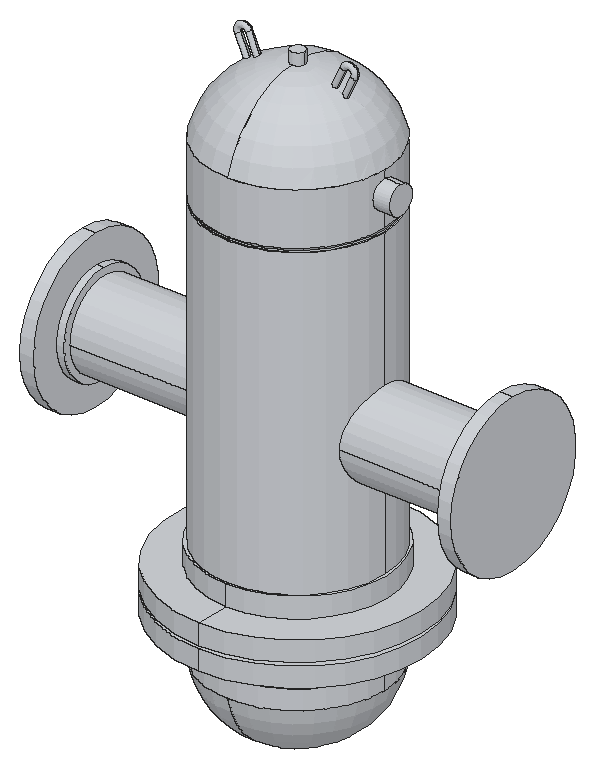
Revit family "WVA-5", category Mechanical Equipment, Revit 2014
Parameters (values of type "WVA-5")
  SideDrainExtrusion = CylinderHalfLength * 0.13123  # 1.04984"
  PipeConnectorDiameter = 5"
  PartNumber = "72080050"
  MaximumOperatingTemperature = "240°F"
  MaximumOperatingPressure = "125 PSIG"
  MaximumFlow = "398 GPM"
  HookWidth = 3/4"
  SideFlangeThickness1 = 131/256"
  SideFlangeThickness = 111/128"
  LeftHookDistance = 0.35916"
  TopExtrusionDiameter = A * 0.1111  # 1.7776"
  SideFlangeStep2 = 10 5/128"
  SideFlangeStep1 = 6 117/256"
  PipeDiameter = 5 9/16"
  HookTopDistance = B * 0.01386  # 0.54054"
  HookDistance = A * 0.19597  # 3.13552"
  URL = "http://westank.com/"
  TotalHeight = B * 0.1364  # 5.3196"
  Step5Diameter = A * 0.21818  # 3.4909"
  Step4Diameter = A * 0.25455  # 4.07272"
  Step3Diameter = A * 0.18182  # 2.90912"
  Step2Diameter = A * 0.10909  # 1.74544"
  Step1Diameter = A * 0.05454  # 0.87264"
  RingDistance = B * 0.19599  # 7.64361"
  RevolveRadius = CylindarDia / 2  # 5.6"
  Model = "WVA-5"
  Manufacturer = "Wessels Company"
  HookDiameter = A * 0.0223  # 0.3568"
  Height2 = B * 0.00547  # 0.21333"
  Height1 = B * 0.03268  # 1.27452"
  D = 19 1/2"
  CylinderHeight = B * 0.781  # 30.459"
  CylinderHalfLength = A / 2  # 8"
  CouplingHeight = B * 0.15525  # 6.05475"
  C = 27 3/4"
  BottomRevolveHeight = B * 0.10886  # 4.24554"
  BottomExtrusionHeight = B * 0.01095  # 0.42705"
  B = 39"
  CylindarDia = A * 0.7  # 11.2"
  NumberOfArray = 9
  ArrayRadius = CylindarDia * 0.62598  # 7.01102"
  ApproximateShipmentWeight = "310 lbs"
  A = 16"
Reference planes (in)
  plane 1: z = 0
  plane 2 "Center (Left/Right)": x = 0
  plane 3: x = -5.6
  plane 4: y = 1.09449
  plane 5: y = -4.50551
  plane 6: x = 5.6
  plane 7: z = 39
  plane 8: z = 19.5
  plane 9: y = -10.10551
  plane 10: z = 34.7295
  plane 11: z = 4.2705
  plane 12: y = -5.00551
  plane 13: y = -4.00551
  plane 14: z = 34.23517
  plane 15: z = 32.45392
  plane 16: z = 33.34454
  plane 17: x = 8
  plane 18: z = 31.35639
  plane 19: z = 31.10639
  plane 20: x = 0
  plane 21: z = 4.76659
  plane 22: x = -8
  plane 23: y = -12.50551
  plane 24: y = 3.49449
  plane 25: x = 6.1
  plane 26: z = 4.08442
  plane 27: z = 0.42705
  plane 28: z = 4.67259
  plane 29: y = -2.15551
  plane 30: y = -6.85551
  plane 31: x = -13.875
  plane 32: x = 13.875
  plane 33: z = 19.5
  plane 34: x = 2
  plane 35: x = -2.03354
Forms (in)
  Extrusion 1, solid
    sketch origin (0, 0, 0) x (1, 0, 0) y (0, 1, 0)
      loop
        circle (0, -4.50551) r 5.6
    from 4.67259 to 34.7295
  Revolve 2, solid
    sketch origin (0, 0, 0) x (0, 1, 0) y (0, 0, 1)
      loop
        line (-4.50551, 34.7295) -> (-4.50551, 39)
        arc (-4.50551, 39) -> (-8.07407, 37.87258) -> (-10.10551, 34.7295) r 5.52518
        line (-10.10551, 34.7295) -> (-4.50551, 34.7295)
      axis (-4.50551, 39) -> (-4.50551, 34.7295)
    angle from 0 to 360
  Revolve 3, solid
    sketch origin (0, 0, 23) x (0, 1, 0) y (0, 0, 1)
      loop
        line (-4.50551, -18.32741) -> (-10.10551, -18.32741)
        arc (-10.10551, -18.32741) -> (-8.13742, -21.5475) -> (-4.50551, -22.57295) r 5.17144
        line (-4.50551, -22.57295) -> (-4.50551, -18.32741)
      axis (-4.50551, -22.57295) -> (-4.50551, -18.32741)
    angle from 0 to 360
  Extrusion 4, solid
    sketch origin (8, -180, 55.70663) x (0, 0, 1) y (0, -1, 0)
      loop
        circle (-22.36209, -175.49449) r 0.8888
    from -1.35016 to -3.66033
  Revolve 5, void
    sketch origin (0, 0, 0) x (0, 1, 0) y (0, 0, 1)
      loop
        line (1.14136, 31.42333) -> (1.00252, 31.22505) -> (1.00252, 31.10639) -> (1.14136, 31.10639) -> (1.14136, 31.42333)
      axis (-4.50551, 31.42333) -> (-4.50551, 31.10639)
    angle from 0 to 360
  Revolve 6, solid
    sketch origin (0, 0, 0) x (0, 1, 0) y (0, 0, 1)
      loop
        line (1.27519, 7.32927) -> (3.49449, 7.32927) -> (3.49449, 8.60379) -> (1.69769, 8.60379) -> (1.69769, 8.81712) -> (3.49449, 8.81712) -> (3.49449, 10.09164) -> (1.27519, 10.09164) -> (1.27519, 11.37435) -> (1.09449, 11.37435) -> (1.09449, 6.05475) -> (1.27519, 6.05475) -> (1.27519, 7.32927)
      axis (-4.50551, 11.37435) -> (-4.50551, 6.05475)
    angle from 0 to 360
  Extrusion 7, solid
    sketch origin (0, 0, 0) x (1, 0, 0) y (0, 1, 0)
      loop
        circle (0, -4.50551) r 0.43632
    from 0 to 0.42705
  Extrusion 8, solid
    sketch origin (0, 0, 0) x (0, 1, 0) y (0, 0, 1)
      loop
        circle (-4.50551, 19.5) r 2.78125
    from -12.49609 to 12.49609
  Extrusion 9, solid
    sketch origin (-13.875, -180, 25.05775) x (0, 0, 1) y (0, -1, 0)
      loop
        circle (-5.55775, -175.49449) r 3.22852
    from 1.37891 to 0.86719
  Extrusion 10, solid
    sketch origin (-13.875, -180, 25.05775) x (0, 0, 1) y (0, -1, 0)
      loop
        circle (-5.55775, -175.49449) r 5.01953
    from 0 to 0.86719
  Extrusion 11, solid
    sketch origin (7.625, -180, 25.05775) x (0, 0, 1) y (0, 1, 0)
      loop
        circle (-5.55775, 175.49449) r 3.22852
    from -4.87109 to -5.38281
  Extrusion 12, solid
    sketch origin (7.625, -180, 25.05775) x (0, 0, 1) y (0, 1, 0)
      loop
        circle (-5.55775, 175.49449) r 5.01953
    from -6.25 to -5.38281
  Extrusion 13, solid
    sketch origin (-60.41868, -180, 39) x (-1, 0, 0) y (0, -1, 0)
      loop
        circle (-60.41868, -175.49449) r 0.43632
    from 0 to 0.71071
  Sweep 14, solid
    path origin (-16.62947, 0.92852, 148.84387) x (0.41042, 0.003194, 0.911891) y (0.911891, -0.00484, -0.410403)
      loop
        line (-92.98541, 62.71114) -> (-91.46355, 62.71114)
        arc (-91.46355, 62.71114) -> (-91.08855, 63.08614) -> (-91.46355, 63.46114) r 0.375
        line (-91.46355, 63.46114) -> (-92.98541, 63.46114)
    profile origin (2.70551, 0.3304, 39.00834) x (0.911891, -0.00484, -0.410403) y (0.003103, 0.999983, -0.004899)
      loop
        circle (0, -4.875) r 0.1784
  Sweep 15, solid
    path origin (16.50447, 0.92852, 148.84387) x (-0.41042, 0.003194, 0.911891) y (0.911891, 0.00484, 0.410403)
      loop
        line (-92.98541, -62.71114) -> (-91.46355, -62.71114)
        arc (-91.46355, -62.71114) -> (-91.08855, -63.08614) -> (-91.46355, -63.46114) r 0.375
        line (-91.46355, -63.46114) -> (-92.98541, -63.46114)
    profile origin (-2.83051, 0.3304, 39.00834) x (0.911891, 0.00484, 0.410403) y (-0.003103, 0.999983, -0.004899)
      loop
        circle (0, -4.875) r 0.1784
Cuts and joins
  Revolve 5 cuts Extrusion 1
  joined: Extrusion 1, Revolve 2, Revolve 3, Extrusion 4, Revolve 6, Extrusion 8, Sweep 14, Sweep 15
Dimensions and locks (in)
  equal spacing: plane 6, plane 2 "Center (Left/Right)", plane 3
  "CylindarDia": plane 6 to plane 3
  equal spacing: plane 7, plane 8, level
  "B": plane 7 to level
  equal spacing: plane 3, plane 2 "Center (Left/Right)", plane 6
  plane 3 to plane 6 = 11.2"
  equal spacing: plane 4, plane 5, plane 9
  plane 4 to plane 9 = 11.2"
  "RevolveRadius": plane 9 to plane 5
  equal spacing: plane 10, plane 8, plane 11
  "CylinderHeight": plane 10 to plane 11
  equal spacing: plane 12, plane 5, plane 13
  plane 12 to plane 13 = 1"
  plane 14 to plane 15 = 1 25/32"
  equal spacing: plane 14, plane 16, plane 15
  plane 10 to plane 14 = 0.49433"
  locked: Extrusion 4 sketch curve to plane 5
  locked: Extrusion 4 sketch curve to plane 16 at 0
  locked: Revolve 5 sketch curve to Revolve 5 sketch curve at 0.13884
  locked: plane 18 to plane 19 at 0.25
  "RingDistance": plane 7 to plane 18
  locked: plane 21 to plane 11 at 0.49609
  equal spacing: plane 17, plane 2 "Center (Left/Right)", plane 22
  "A": plane 17 to plane 22
  equal spacing: plane 23, plane 5, plane 24
  "A": plane 23 to plane 24
  locked: plane 25 to plane 6 at 0.5
  Revolve 6 to plane 26 = 3.24485"
  "Height1": Revolve 6 sketch curve to Revolve 6 sketch curve  (x3)
  "Height2": Revolve 6 sketch curve to Revolve 6 sketch curve
  "TotalHeight": Revolve 6 sketch curve to Revolve 6 sketch curve
  "CouplingHeight": level to Revolve 6 sketch curve
  equal spacing: plane 30, plane 5, plane 29
  equal spacing: plane 32, plane 2 "Center (Left/Right)", plane 31
  "C": plane 32 to plane 31
  "D": plane 33 to level
  "SideFlangeThickness": Extrusion 10 to plane 31
  "SideFlangeThickness1": Extrusion 9 to Extrusion 10
  "SideFlangeThickness": plane 32 to Extrusion 12
  "SideFlangeThickness1": Extrusion 11 to Extrusion 12
  locked: plane 20 to Extrusion 13 sketch curve at 0
  locked: plane 5 to Extrusion 13 sketch curve at 0
  "BottomExtrusionHeight": plane 27 to level
  "BottomRevolveHeight": plane 28 to plane 27
  locked: plane 20 to Extrusion 7 sketch curve at 0
  locked: Extrusion 7 sketch curve to plane 5 at 0
  plane 34 to plane 20 to plane 35 = 2", 2.03354"
  "SideDrainExtrusion": Extrusion 4 to plane 6
  "HookWidth": Sweep 14 sketch curve to Sweep 14 sketch curve
  "HookWidth": Sweep 15 sketch curve to Sweep 15 sketch curve
  "CylindarDia": diameter of Extrusion 1 sketch curve
  "TopExtrusionDiameter": diameter of Extrusion 4 sketch curve
  "Step1Diameter": diameter of Extrusion 13 sketch curve
  "PipeDiameter": diameter of Extrusion 8 sketch curve
  "SideFlangeStep1": diameter of Extrusion 9 sketch curve
  "SideFlangeStep2": diameter of Extrusion 10 sketch curve
  "SideFlangeStep1": diameter of Extrusion 11 sketch curve
  "SideFlangeStep2": diameter of Extrusion 12 sketch curve
  "Step1Diameter": diameter of Extrusion 7 sketch curve
  "HookDiameter": diameter of Sweep 14 sketch curve
  "HookDiameter": diameter of Sweep 15 sketch curve
  aligned and locked: level to plane 1
  aligned and locked: Revolve 2 sketch curve to Extrusion 1
  aligned and locked: plane 5 to Revolve 2 sketch curve  (x2)
  aligned and locked: Revolve 2 sketch curve to plane 5
  aligned and locked: Revolve 3 sketch curve to Extrusion 1
  aligned and locked: plane 5 to Revolve 3 sketch curve
  aligned and locked: plane 9 to Revolve 3 sketch curve
  aligned and locked: plane 9 to Revolve 2 sketch curve
  aligned and locked: plane 10 to Extrusion 1
  aligned and locked: Revolve 5 sketch curve to plane 19
  aligned and locked: plane 20 to plane 2 "Center (Left/Right)"
  aligned and locked: Revolve 6 sketch curve to Revolve 6 sketch curve
  aligned and locked: Revolve 6 sketch curve to plane 4
  aligned and locked: Revolve 6 sketch curve to plane 5
  aligned and locked: plane 24 to Revolve 6 sketch curve
  aligned and locked: Revolve 5 sketch curve to plane 5
  aligned and locked: Extrusion 1 to plane 28
  aligned and locked: plane 27 to Extrusion 7
  aligned and locked: Extrusion 7 to level
  aligned and locked: Extrusion 10 to plane 31
  aligned and locked: Extrusion 9 to Extrusion 10
  aligned and locked: Extrusion 8 to Extrusion 9
  aligned and locked: Extrusion 12 to Extrusion 11
  aligned and locked: Extrusion 8 to Extrusion 11
  aligned and locked: plane 32 to Extrusion 12
  aligned and locked: Extrusion 13 to plane 7
Automatic sketch dimensions
  Revolve 3 sketch curve to plane 5 = 0"
  Revolve 3 sketch curve to plane 27 = 0"  (x2)
  Revolve 3 sketch curve to plane 28 = 0"
  Revolve 3 sketch curve to plane 12 = 0.00764"
  Revolve 5 sketch curve to plane 4 = 0.09196"
  plane 19 to Revolve 5 sketch curve = 0.11866"
  plane 18 to Revolve 5 sketch curve = 0.06694"
  Revolve 5 sketch curve to level = 12"
  Revolve 2 sketch curve to plane 10 = 0"
  Revolve 2 sketch curve to plane 7 = 0"
  plane 16 to Revolve 2 sketch curve = 0.13458"
  plane 7 to Revolve 2 sketch curve = 2.7327"
  plane 7 to Revolve 5 sketch curve = 72 7/8"
  Extrusion 1 sketch curve to plane 2 "Center (Left/Right)" = 0"
  Extrusion 1 sketch curve to plane 5 = 0"
  Revolve 6 sketch curve to plane 4 = 0"
  Revolve 6 sketch curve to Revolve 6 sketch curve = 0.1807"  (x2)
  plane 4 to Revolve 6 sketch curve = 0.6032"
  Revolve 6 sketch curve to level = 12"
  plane 7 to Revolve 6 sketch curve = 73"
  Extrusion 8 sketch curve to plane 5 = 0"
  Extrusion 8 sketch curve to plane 8 = 0"
  Extrusion 9 sketch curve to plane 5 = 0"
  Extrusion 9 sketch curve to plane 8 = 0"
  Extrusion 10 sketch curve to plane 5 = 0"
  Extrusion 10 sketch curve to plane 8 = 0"
  Extrusion 11 sketch curve to plane 5 = 0"
  Extrusion 11 sketch curve to plane 8 = 0"
  Extrusion 12 sketch curve to plane 5 = 0"
  Extrusion 12 sketch curve to plane 8 = 0"
  Sweep 14 sketch curve to Sweep 14 sketch curve = 1.52185"
  Sweep 14 sketch curve to Sweep 14 sketch curve = 0"
  Sweep 14 sketch curve to profile plane = 0"
  Sweep 14 sketch curve to profile plane = 4 7/8"
  Sweep 15 sketch curve to Sweep 15 sketch curve = 1.52185"
  Sweep 15 sketch curve to Sweep 15 sketch curve = 0"
  profile plane to Sweep 15 sketch curve = 0"
  Sweep 15 sketch curve to profile plane = 4 7/8"
Connectors (in)
  piping at (13.875, -4.50551, 19.5), diameter 5, driven by "PipeConnectorDiameter"
    settings: on Extrusion 12, index 1, connector inside diameter 24", connector length 0", flow factor 0, pipe flow 0 GPM, pressure drop 0.00 psi, fitting loss kfactor 0, connector angle 0.00°, fixture units 0, engagement length 0", angle of deflection 0.00°, flow configuration 0, flow direction 0, fitting loss method 0, system type 7, joint type 0, gender type 0, connector reference index -1, connector utility 0, adjustable connector no, is connector primary yes, connector description ""
  piping at (-13.875, -4.50551, 19.5), diameter 5, driven by "PipeConnectorDiameter"
    settings: on Extrusion 10, index 2, connector inside diameter 24", connector length 0", flow factor 0, pipe flow 0 GPM, pressure drop 0.00 psi, fitting loss kfactor 0, connector angle 0.00°, fixture units 0, engagement length 0", angle of deflection 0.00°, flow configuration 0, flow direction 0, fitting loss method 0, system type 7, joint type 0, gender type 0, connector reference index -1, connector utility 0, adjustable connector no, is connector primary no, connector description ""
